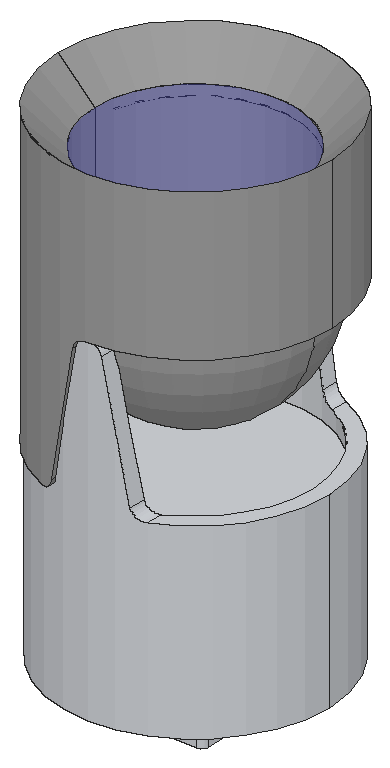
Revit family "Alcon-LITON13101-Small_Revit-Family", category Generic Models, host Face, Revit 2025
Family settings
  Host = Face
  Can host rebar = No
  Round Connector Dimension = Use Diameter
  Part Type = Normal
  Cut with Voids When Loaded = No
  Maintain Annotation Orientation = No
  Shared = No
  Room Calculation Point = No
Parameters
  URL = "https://www.alconlighting.com/?srsltid=AfmBOooDPhGQ0dEP-X2PMtxFfvvWpIAEL4jCll_O2F4_to5onvhnBomy"
  Product Page URL = "https://www.alconlighting.com/catalogsearch/result/?q=13101"
  Model = "13101"
  Manufacturer = "ALCON Lighting"
  Fixture Rotation = 90.00°
  Default Elevation = 4' - 0"
Reference planes (in)
  plane 1 "Center (Front/Back)": y = 0
  plane 2: z = 0
  plane 3 "Center (Left/Right)": x = 0
  plane 4: z = 3.56099
Forms (in)
  Revolve 1, solid
    sketch origin (0, 0, 0) x (1, 0, 0) y (0, 0, 1)
      loop
        line (-1.25452, 3.68748) -> (-1.25452, 0.5) -> (-1.10452, 0.5) -> (-1.10452, 3.68748) -> (-1.25452, 3.68748)
      axis (0, 3.68748) -> (0, 0.5)
    angle from 0 to 360
  Extrusion 2, void
    sketch origin (0, 0, 0) x (1, 0, 0) y (0, 0, 1)
      loop
        arc (0, 3.68748) -> (0.0796, 3.65886) -> (0.12275, 3.58611) r 0.125
        line (0.12275, 3.58611) -> (0.35441, 2.38261)
        arc (0.35441, 2.38261) -> (0.39756, 2.30985) -> (0.47716, 2.28123) r 0.125
        line (0.47716, 2.28123) -> (1.40625, 2.28123) -> (1.40625, 3.95759) -> (-1.40625, 3.95759) -> (-1.40625, 2.28123) -> (-0.47716, 2.28123)
        arc (-0.47716, 2.28123) -> (-0.39756, 2.30985) -> (-0.35441, 2.38261) r 0.125
        line (-0.35441, 2.38261) -> (-0.12275, 3.58611)
        arc (-0.12275, 3.58611) -> (-0.0796, 3.65886) -> (0, 3.68748) r 0.125
    from -3.30242 to 12
  Extrusion 3, solid
    sketch origin (0, 0, 0.5) x (0, 1, 0) y (1, 0, 0)
      loop
        circle (0, 0) r 1.10452
    from 0 to -1.625
  Extrusion 4, solid
    sketch origin (0, 0, 0.5) x (0, 1, 0) y (1, 0, 0)
      loop
        arc (-0.375, -0.3125) -> (-0.35669, -0.35669) -> (-0.3125, -0.375) r 0.0625
        line (-0.3125, -0.375) -> (0.3125, -0.375)
        arc (0.3125, -0.375) -> (0.35669, -0.35669) -> (0.375, -0.3125) r 0.0625
        line (0.375, -0.3125) -> (0.375, 0.3125)
        arc (0.375, 0.3125) -> (0.35669, 0.35669) -> (0.3125, 0.375) r 0.0625
        line (0.3125, 0.375) -> (-0.3125, 0.375)
        arc (-0.3125, 0.375) -> (-0.35669, 0.35669) -> (-0.375, 0.3125) r 0.0625
        line (-0.375, 0.3125) -> (-0.375, -0.3125)
    from 0 to 0.5
Cuts and joins
  Extrusion 2 cuts Revolve 1
Lines and regions (in)
  reference lines
    curve 1: line (0, -5.75, 3.43447) -> (0, 6, 3.43447)
Dimensions and locks (in)
  "Fixture Rotation": angle nested 1 to plane 4
  aligned and locked: plane 2 to host face
  aligned and locked: level to host face
Automatic sketch dimensions
  host sketch curve to host sketch curve = 8' - 0"  (x2)
  plane 4 to Revolve 1 sketch curve = 0' - 0.1265"
  Revolve 1 sketch curve to plane 3 "Center (Left/Right)" = 0' - 0"
  level to Revolve 1 sketch curve = 0' - 0 1/2"
  Revolve 1 sketch curve to plane 3 "Center (Left/Right)" = 0' - 1.10452"
  Revolve 1 sketch curve to Revolve 1 sketch curve = 0' - 0.15"
  Revolve 1 sketch curve to level = 2' - 0"
  plane 4 to Revolve 1 sketch curve = 8' - 3.03132"
  curve 1 to plane 4 = 0' - 0.12651"
  plane 1 "Center (Front/Back)" to curve 1 = 0' - 5 3/4"
  curve 1 to plane 1 "Center (Front/Back)" = 0' - 6"
  Extrusion 2 sketch curve to Extrusion 2 sketch curve = 0' - 0"  (x2)
  Extrusion 2 sketch curve to plane 3 "Center (Left/Right)" = 0' - 0"
  plane 4 to Extrusion 2 sketch curve = 0' - 0.02512"  (x2)
  Extrusion 2 sketch curve to plane 3 "Center (Left/Right)" = 0' - 0.12275"
  Extrusion 2 sketch curve to plane 3 "Center (Left/Right)" = 0' - 0.35441"
  Extrusion 2 sketch curve to Extrusion 2 sketch curve = 0' - 0.12275"  (x2)
  Extrusion 2 sketch curve to Extrusion 2 sketch curve = 0' - 0.92909"
  plane 3 "Center (Left/Right)" to Extrusion 2 sketch curve = 0' - 0.35441"
  plane 4 to Extrusion 2 sketch curve = 0' - 0.0015"
  Extrusion 2 sketch curve to plane 4 = 0' - 1.15475"
  Extrusion 2 sketch curve to Extrusion 2 sketch curve = 0' - 0.02363"  (x2)
  plane 4 to Extrusion 2 sketch curve = 0' - 0.39661"
  Extrusion 2 sketch curve to Extrusion 2 sketch curve = 0' - 1.2835"
  Extrusion 4 sketch curve to Revolve 1 = 0' - 0 3/8"
  Extrusion 4 sketch curve to Extrusion 4 sketch curve = 0' - 0 1/16"  (x3)
  Revolve 1 to Extrusion 4 sketch curve = 0' - 0 5/16"  (x2)
  Extrusion 4 sketch curve to Extrusion 4 sketch curve = 0' - 0 5/8"
  radius of Extrusion 3 sketch curve to Revolve 1 = 0' - 0"
Nested families (in)
  nested 1: "13101 Small" at (0, 0, 2.53123) x (0, 0, -1) z (0, -1, 0), type "13101"
    with built-in parameter 1001306 0.22917 (stored number, unit not read)
Definition of nested family "13101 Small"
  Parameters (values of type "13101 Small")
    Wattage = 9.2903 W
    built-in parameter 1150110 = 1 (stored number, unit not read)
    built-in parameter 1114217 = 1 (stored number, unit not read)
    Tilt Angle = 60.00°
    built-in parameter 1150109 = 1 (stored number, unit not read)
    built-in parameter 1150134 = 3
    built-in parameter 1150113 = 1 (stored number, unit not read)
    built-in parameter 1010507 = 1.5708 (stored number, unit not read)
    built-in parameter 1010506 = 0.5236 (stored number, unit not read)
    built-in parameter 1150105 = 4614.1 (stored number, unit not read)
    Lumens = 1380 lm
    built-in parameter 1150115 = 1 (stored number, unit not read)
    Light Source Symbol Length = 10' - 0"
    built-in parameter 1150137 = (empty or 0)
    built-in parameter 1150139 = (empty or 0)
    Lens = none
    built-in parameter 1001306 [instance] = 4' - 0"
    built-in parameter 1150112 = 1 (stored number, unit not read)
    built-in parameter 1150114 = 1 (stored number, unit not read)
    built-in parameter 1150132 = (empty or 0)
    built-in parameter 1150102 = (empty or 0)
    built-in parameter 1150107 = 3200 (stored number, unit not read)
    built-in parameter 1150138 = (empty or 0)
    built-in parameter 1150106 = 46.141 (stored number, unit not read)
    Housing = none
    built-in parameter 1150104 = 13.8 (stored number, unit not read)
    Dimming Lamp Color Temperature Shift = (empty or 0)
    Default Elevation = 0' - 0"
    Color Filter = 16777215
    built-in parameter 1114218 = 1 (stored number, unit not read)
    built-in parameter 1150133 = 10 (stored number, unit not read)
  Reference planes (in)
    plane 1 "Center (Front/Back)": y = 0
    plane 2: z = 0
    plane 3 "Left": x = 0
    plane 4 "Right": x = 48
  Forms (in)
    Revolve 1, solid, material <- "Housing"
      sketch origin (-2.5625, 0, 0) x (1, 0, 0) y (0, 1, 0)
        loop
          line (0, 1.28125) -> (0.34, 0.94125) -> (2.8125, 0.94125) -> (2.8125, 1.28125) -> (0, 1.28125)
        axis (2.8125, 0) -> (0, 0)
      angle from 0 to 360
    Extrusion 2, solid, material <- "Lens"
      sketch origin (0.25, 0, 0) x (0, 0, -1) y (0, 1, 0)
        loop
          circle (0, 0) r 0.94125
      from -2.4725 to -2.37351
    Extrusion 3, void
      sketch origin (0.25, 0, 0) x (0, 0, 1) y (0, 1, 0)
        loop
          arc (1.28125, 0) -> (0, 1.28125) -> (-1.28125, 0) r 1.28125
          line (-1.28125, 0) -> (-1.13281, 0)
          arc (-1.13281, 0) -> (0, -1.13281) -> (1.13281, 0) r 1.13281
          line (1.13281, 0) -> (1.28125, 0)
      from 0 to 1.40625
    Revolve 4, solid, material <- "Housing"
      sketch origin (-2.5625, 0, 0) x (1, 0, 0) y (0, 1, 0)
        loop
          arc (2.53906, 0) -> (2.20727, 0.80102) -> (1.40625, 1.13281) r 1.13281
          line (1.40625, 1.13281) -> (1.40625, 0) -> (2.53906, 0)
        axis (2.53906, 0) -> (1.40625, 0)
      angle from 0 to 360
    Extrusion 5, void
      sketch origin (-2.5625, 0, 0) x (1, 0, 0) y (0, 1, 0)
        loop
          line (3.07262, 1.29399) -> (1.40625, 1.29399) -> (1.40625, 0)
          arc (1.40625, 0) -> (1.43487, -0.0796) -> (1.50762, -0.12275) r 0.125
          line (1.50762, -0.12275) -> (2.71113, -0.35441)
          arc (2.71113, -0.35441) -> (2.78388, -0.39756) -> (2.8125, -0.47716) r 0.125
          line (2.8125, -0.47716) -> (3.07262, -0.47716) -> (3.07262, 1.29399)
      from -5.6688 to 12
  Cuts and joins
    Extrusion 3, Extrusion 5 cuts Revolve 1
  Lines and regions (in)
    reference lines
      curve 1: line (0, 0, 0) -> (48, 0, 0)
    model lines
      curve 2: line (0, -1.28125, 0) -> (0, 1.28125, 0)
      curve 3: line (1.53276, 0, 0) -> (2.51997, 0, 0)
  Dimensions and locks (in)
    "built-in parameter 1001306": plane 3 "Left" to plane 4 "Right"
    aligned and locked: plane 4 "Right" to curve 1
    aligned and locked: plane 1 "Center (Front/Back)" to curve 1
    aligned and locked: plane 3 "Left" to curve 1
    aligned and locked: level to plane 2
  Automatic sketch dimensions
    Revolve 1 sketch curve to plane 1 "Center (Front/Back)" = 0' - 0"
    Revolve 1 sketch curve to plane 3 "Left" = 0' - 2 9/16"
    Revolve 1 sketch curve to plane 1 "Center (Front/Back)" = 0' - 1 9/32"
    plane 3 "Left" to Revolve 1 sketch curve = 0' - 0 1/4"
    Revolve 1 sketch curve to Revolve 1 sketch curve = 0' - 0.34"
    Revolve 1 sketch curve to plane 3 "Left" = 5' - 2 9/16"
    Revolve 1 sketch curve to plane 3 "Left" = 0' - 2.2225"
    plane 4 "Right" to Revolve 1 sketch curve = 0' - 9 7/16"
    Revolve 4 sketch curve to plane 1 "Center (Front/Back)" = 0' - 0"
    plane 1 "Center (Front/Back)" to Revolve 4 sketch curve = 0' - 0"
    Revolve 4 sketch curve to plane 3 "Left" = 0' - 1 5/32"
    Revolve 4 sketch curve to Revolve 4 sketch curve = 0' - 0"
    Revolve 4 sketch curve to Revolve 4 sketch curve = 0' - 1 17/128"
    Revolve 4 sketch curve to plane 3 "Left" = 5' - 2 9/16"
    plane 4 "Right" to Revolve 4 sketch curve = 0' - 9 7/16"
    plane 3 "Left" to curve 3 = 0' - 1.53276"
    curve 3 to curve 3 = 0' - 0.98721"
    plane 1 "Center (Front/Back)" to curve 2 = 0' - 1 9/32"
    curve 2 to plane 1 "Center (Front/Back)" = 0' - 1 9/32"
    plane 1 "Center (Front/Back)" to curve 3 = 0' - 0"
    curve 2 to plane 3 "Left" = 0' - 0"
    Extrusion 5 sketch curve to plane 3 "Left" = 0' - 1 5/32"
    plane 1 "Center (Front/Back)" to Extrusion 5 sketch curve = 0' - 0.12275"
    Extrusion 5 sketch curve to Extrusion 5 sketch curve = 0' - 0.10137"
    Extrusion 5 sketch curve to plane 1 "Center (Front/Back)" = 0' - 0"
    plane 1 "Center (Front/Back)" to Extrusion 5 sketch curve = 0' - 0.47716"
    Extrusion 5 sketch curve to Extrusion 5 sketch curve = 0' - 1.17988"
    plane 1 "Center (Front/Back)" to Extrusion 5 sketch curve = 0' - 0.35441"
    Extrusion 5 sketch curve to Extrusion 5 sketch curve = 0' - 0.02363"
    Extrusion 5 sketch curve to Extrusion 5 sketch curve = 0' - 1.66637"
    Extrusion 5 sketch curve to plane 1 "Center (Front/Back)" = 0' - 1.29399"
    Extrusion 3 sketch curve to Extrusion 3 sketch curve = 0' - 0"
    Extrusion 3 sketch curve to Extrusion 3 sketch curve = 0' - 0 19/128"
    radius of Extrusion 2 sketch curve to Revolve 1 = 0' - 0"
    radius of Extrusion 3 sketch curve to Revolve 1 = 0' - 0"
